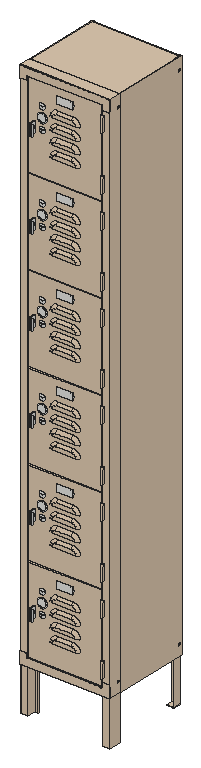
Revit family "Metal_Lockers-Salsbury_Industries-65000_66000_Series-1_Wide_Units", category Specialty Equipment, Revit 2023
Family settings
  Round Connector Dimension = Use Diameter
  Part Type = Normal
  OmniClass Number = 23.40.00.00
  OmniClass Title = Equipment and Furnishings
  Work Plane-Based = No
  Enable Cutting in Views = No
  Always vertical = Yes
  Cut with Voids When Loaded = No
  Maintain Annotation Orientation = No
  Shared = No
  Room Calculation Point = No
Parameters (values of type "66162 - with Standard 6" High Legs")
  Zee Base Corner - Right Side [instance] = Metal Locker Zee Base Corner : None
  Zee Base Corner - Left Side [instance] = Metal Locker Zee Base Corner : None
  Zee Base - Right Side [instance] = Metal Locker Zee Base-Right Side : None
  Zee Base - Left Side [instance] = Metal Locker Zee Base-Left Side : None
  Zee Base = Metal Locker Zee Base : None
  Width = 12.040"
  Version = "2.0 (06/30/17)"
  Unit Height including Sloping Hood Only [instance] = 78.625"
  Unit Height = 72.000"
  URL = "www.lockers.com"
  Type Comments = "Standard Metal Locker - Six Tier"
  Total Door(s) Height [instance] = 69.81949"
  Top Door = yes
  Top Compartment Divider = yes
  Test Data = "https://www.lockers.com/videolibrary/"
  Specification = "https://www.lockers.com/architect-resources//"
  Sloping Top In-Line Filler - Right Side [instance] = Metal Locker Sloping Top Filler : None
  Sloping Top In-Line Filler - Left Side [instance] = Metal Locker Sloping Top Filler : None
  Sloping Top Corner Filler - Right Side [instance] = Metal Locker Sloping Corner Filler : None
  Sloping Top Corner Filler - Left Side [instance] = Metal Locker Sloping Corner Filler : None
  Sloping Hood Height = if(Depth = 12.010", 6.625", if(Depth = 15.010", 8.682", if(Depth = 18.010", 10.739", 0.000")))  # 6.625"
  Sloping Hood [instance] = Metal Locker Sloping Hood : None
  Sales Information = "https://www.lockers.com/request_a_quote/"
  Right Side Base [instance] = Metal Locker Right Side Base : None
  Revision = "R1_2018-10"
  Product Data = "https://www.lockers.com/downloads__catalog/"
  Primary Structure Material [instance] = Paint - Salsbury Finish - Tan
  Overall Width including Rivets [instance] = 12.120"
  Unit Height including Base Only [instance] = 78.000"
  Overall Unit Height (including Base and Sloping Hood) [instance] = 84.625"
  OmniClass 23 Title = "Equipment and Furnishings"
  OmniClass 23 Number = "23.40.00.00"
  Model = "66162"
  MasterFormat Title = "Lockers"
  MasterFormat Number = "10 51 13"
  Manufacturer Website = "https://www.lockers.com/"
  Manufacturer Phone - Toll Free = "1-800-562-5377"
  Manufacturer Phone = "(323) 846-6700"
  Manufacturer Fax = "1-800-562-5399"
  Manufacturer Address = "1010 East 62nd Street, Los Angeles, CA 90001-1598"
  Manufacturer = "Salsbury Industries"
  Left Side Base [instance] = Metal Locker Left Side Base : None
  Keynote = "10 51 00"
  Installation-Fabrication = "https://www.lockers.com/downloads__installation_instructions/"
  Individual Door Height = 11.534"
  Hasp Plate Rivet Material = Steel -Salsbury Finish - Polished Steel
  Hasp Handle Material = Plastic - Salsbury Finish - Black
  Green Building-LEED = "https://www.arcat.com/green/green_building.shtml"
  Front Vertical Filler - Right [instance] = Metal Locker Front Filler : None
  Front Vertical Filler - Left [instance] = Metal Locker Front Filler : None
  Front Base [instance] = Metal Locker Front Base : None
  Flat Top In-Line Filler - Right Side [instance] = Metal Locker Flat Top Filler : None
  Flat Top In-Line Filler - Left Side [instance] = Metal Locker Flat Top Filler : None
  Flat Top Corner Filler - Right Side [instance] = Metal Locker Flat Corner Filler : None
  Flat Top Corner Filler - Left Side [instance] = Metal Locker Flat Corner Filler : None
  Individual Door Width [instance] = 9.90055"
  End Panel - Right Side [instance] = Metal Locker End Panel : None
  End Panel - Left Side [instance] = Metal Locker End Panel : None
  Drawn By = ""
  Door Location D1 = Metal Locker Doors-12 inch with Latch Hasps : Six Tier Door - 6 foot
  Description = "1 Wide - 6 Feet High - 12 Inches Deep"
  Depth = 12.010"
  Default Elevation = 0.000"
  Copyright = ""
  Construction Details = "https://www.lockers.com/downloads__catalog/"
  Compartment Divider Height = Individual Door Height - 0.375"  # 11.159"
  Category = ""
  Building Codes = "https://www.lockers.com/downloads__forms_and_information/"
  Base Height = 6.000"
  Standard Leg Base = Metal Locker Legs : 6" High - 12" W x 12" D
  Assembly Code = "C1030310"
Reference planes (in)
  plane 1 "Center (Front/Back)": y = 0
  plane 2: z = 0
  plane 3 "Center (Left/Right)": x = 0
  plane 4 "Floor": z = 0
  plane 5 "Bottom of Unit": z = 6
  plane 6 "Top of Unit": z = 78
  plane 7 "Left Side of Unit": x = -6.02
  plane 8 "Right Side of Unit": x = 6.02
  plane 9 "Back of Unit": y = 6.005
  plane 10 "Front of Unit": y = -6.005
  plane 11 "Top of Sloping Hood": z = 84.625
  plane 12 "Left Rivet": x = -6.06
  plane 13 "Right Rivet": x = 6.06
  plane 14 "Right Side of Door Opening": x = 5.02
  plane 15 "Left Side of Door Opening": x = -5.02
  plane 16 "Top of Door Opening": z = 77
  plane 17 "Bottom of Door Opening": z = 7
  plane 18 "Back Edge of Front Facing": y = -4.417
  plane 19 "Front Plate Plane": y = -6.065
  plane 20 "Horizontal Center of Top Rivets": z = 76.5
  plane 21 "Horiz Center of Bottom Rivets": z = 7.5
  plane 22 "Vertical Center of Back Rivets": y = 5.505
  plane 23 "Vertical Center of Front Rivets": y = -4.755
  plane 24 "Right Align Top Filler Overlap": x = 5.435
  plane 25 "Left Align Top Filler Overlap": x = -5.435
  plane 26 "Corner Filler Align-Left": x = -6.08
  plane 27 "Corner Filler Align-Right": x = 6.08
  plane 28 "Left Side of Door": x = -4.95029
  plane 29 "Right Side of Door": x = 4.95026
  plane 30 "Top of Door 1": z = 76.90976
  plane 31 "Bottom of Bottom Door": z = 7.09027
  plane 32 "Zee Base Offset": x = -5.669
  plane 33: x = 5.669
  plane 34 "Compartment Align 3": z = 19.159
  plane 35: x = -5.96
  plane 36: x = 5.96
  plane 37: x = -5.635
  plane 38: x = 5.635
  plane 39: y = 5.945
  plane 40: y = 5.895
  plane 41: y = 5.145
  plane 42: x = -5.9
  plane 43: x = 5.9
  plane 44: x = -5.095
  plane 45: x = 5.095
  plane 46: z = 77.94
  plane 47: z = 19.099
  plane 48: z = 18.159
  plane 49: z = 6.9204
  plane 50: z = 6.18539
  plane 51: z = 76.40796
  plane 52: z = 7.59204
  plane 53: z = 18.159
  plane 54: z = 18.62427
  plane 55: z = 18.74976
  plane 56: z = 30.28376
  plane 57: z = 30.40876
  plane 58: z = 29.78327
  plane 59: z = 30.72327
  plane 60 "Compartment Align 2": z = 30.78327
  plane 61: z = 53.72076
  plane 62: z = 41.94276
  plane 63: z = 42.06776
  plane 64: z = 41.44276
  plane 65: z = 42.38276
  plane 66 "Compartment Align 1": z = 42.44276
  plane 67: z = 71.20625
  plane 68: z = 53.60176
  plane 69: z = 53.72676
  plane 70: z = 65.26076
  plane 71: z = 65.38576
  plane 72: z = 53.10176
  plane 73: z = 54.04176
  plane 74: z = 54.10176
  plane 75: z = 64.76076
  plane 76: z = 65.70076
  plane 77: z = 65.76076
  plane 78: z = 82.86525
  plane 79: z = 94.52425
Forms (in)
  Sweep 1, solid, material "Paint - Salsbury Finish - Tan" <- "Primary Structure Material"
    path origin (0, -6.005, 0) x (1, 0, 0) y (0, 0, 1)
      loop
        line (-6.02, 78) -> (-6.02, 6) -> (6.02, 6) -> (6.02, 78) -> (-6.02, 78)
    profile origin (0, -6.005, 78) x (0, 0, 1) y (0, -1, 0)
      loop
        line (0, 0) -> (-1, 0) -> (-1, -1.588) -> (0, -1.588) -> (0, 0)
  Extrusion 2, solid, material "Paint - Salsbury Finish - Tan" <- "Primary Structure Material"
    sketch origin (0, 0, 6) x (0, -1, 0) y (1, 0, 0)
      loop
        line (4.417, 6.02) -> (-6.005, 6.02) -> (-6.005, 5.635) -> (-5.945, 5.635) -> (-5.945, 5.96) -> (4.417, 5.96) -> (4.417, 6.02)
    from 0 to 72
  Extrusion 3, solid, material "Paint - Salsbury Finish - Tan" <- "Primary Structure Material"
    sketch origin (0, 0, 6) x (0, -1, 0) y (1, 0, 0)
      loop
        line (4.417, -6.02) -> (4.417, -5.96) -> (-5.945, -5.96) -> (-5.945, -5.635) -> (-6.005, -5.635) -> (-6.005, -6.02) -> (4.417, -6.02)
    from 0 to 72
  Extrusion 4, solid, material "Paint - Salsbury Finish - Tan" <- "Primary Structure Material"
    sketch origin (0, 0, 6) x (0, -1, 0) y (1, 0, 0)
      loop
        line (-5.945, -5.96) -> (-5.145, -5.96) -> (-5.145, -5.9) -> (-5.895, -5.9) -> (-5.895, 5.9) -> (-5.145, 5.9) -> (-5.145, 5.96) -> (-5.945, 5.96) -> (-5.945, -5.96)
    from 0 to 72
  Sweep 5, solid, material "Paint - Salsbury Finish - Tan" <- "Primary Structure Material"
    path origin (0, 0, 7) x (0, -1, 0) y (1, 0, 0)
      loop
        line (4.417, -5.96) -> (4.417, 5.96) -> (-5.145, 5.96) -> (-5.145, 5.9) -> (-5.895, 5.9) -> (-5.895, -5.9) -> (-5.145, -5.9) -> (-5.145, -5.96) -> (4.417, -5.96)
    profile origin (-5.96, 0.364, 7) x (-1, 0, 0) y (0, 0, 1)
      loop
        line (0, -0.81461) -> (0, -0.0796) -> (-0.06, -0.0796) -> (-0.06, -0.81461) -> (0, -0.81461)
  Extrusion 6, solid, material "Paint - Salsbury Finish - Tan" <- "Primary Structure Material"
    sketch origin (0, 0, 7) x (0, -1, 0) y (1, 0, 0)
      loop
        line (-5.895, -5.9) -> (-5.145, -5.9) -> (-5.145, -5.96) -> (4.417, -5.96) -> (4.417, 5.96) -> (-5.145, 5.96) -> (-5.145, 5.9) -> (-5.895, 5.9) -> (-5.895, -5.9)
    from -0.0796 to 0
  Extrusion 7, solid, material "Paint - Salsbury Finish - Tan" <- "Primary Structure Material"
    sketch origin (0, 0, 78) x (0, -1, 0) y (1, 0, 0)
      loop
        line (-5.895, -5.9) -> (-5.145, -5.9) -> (-5.145, -5.96) -> (4.417, -5.96) -> (4.417, 5.96) -> (-5.145, 5.96) -> (-5.145, 5.9) -> (-5.895, 5.9) -> (-5.895, -5.9)
    from -0.06 to 0
  Extrusion 8, solid, material "Paint - Salsbury Finish - Tan" <- "Primary Structure Material"
    sketch origin (0, -6.065, 0) x (0, 0, -1) y (1, 0, 0)
      loop
        line (-78, -6.02) -> (-76.47656, -6.02)
        arc (-76.47656, -6.02) -> (-76.42806, -5.99991) -> (-76.40796, -5.9514) r 0.0686
        line (-76.40796, -5.9514) -> (-76.40796, -5.16351)
        arc (-76.40796, -5.16351) -> (-76.42809, -5.11506) -> (-76.47656, -5.095) r 0.0686
        line (-76.47656, -5.095) -> (-77, -5.095) -> (-77, 5.095) -> (-76.47656, 5.095)
        arc (-76.47656, 5.095) -> (-76.42809, 5.11506) -> (-76.40796, 5.16351) r 0.0686
        line (-76.40796, 5.16351) -> (-76.40796, 5.9514)
        arc (-76.40796, 5.9514) -> (-76.42806, 5.99991) -> (-76.47656, 6.02) r 0.0686
        line (-76.47656, 6.02) -> (-78, 6.02) -> (-78, -6.02)
    from -0.06 to 0
  Extrusion 9, solid, material "Paint - Salsbury Finish - Tan" <- "Primary Structure Material"
    sketch origin (0, -6.065, 84) x (0, 0, 1) y (-1, 0, 0)
      loop
        line (-78, 6.02) -> (-78, -6.02) -> (-76.47656, -6.02)
        arc (-76.47656, -6.02) -> (-76.42806, -5.99991) -> (-76.40796, -5.9514) r 0.0686
        line (-76.40796, -5.9514) -> (-76.40796, -5.16351)
        arc (-76.40796, -5.16351) -> (-76.42809, -5.11506) -> (-76.47656, -5.095) r 0.0686
        line (-76.47656, -5.095) -> (-77, -5.095) -> (-77, 5.095) -> (-76.47656, 5.095)
        arc (-76.47656, 5.095) -> (-76.42809, 5.11506) -> (-76.40796, 5.16351) r 0.0686
        line (-76.40796, 5.16351) -> (-76.40796, 5.9514)
        arc (-76.40796, 5.9514) -> (-76.42806, 5.99991) -> (-76.47656, 6.02) r 0.0686
        line (-76.47656, 6.02) -> (-78, 6.02)
    from -0.06 to 0
  Blend 10, solid, material "Steel -Salsbury Finish - Polished Steel" <- "Hasp Plate Rivet Material"
    base sketch origin (6.02, 0, 0) x (0, 0, -1) y (0, -1, 0)
      loop
        circle (-76.5, 4.755) r 0.187
    top sketch origin (6.02, 0, 0) x (0, 0, -1) y (0, -1, 0)
      loop
        circle (-76.5, 4.755) r 0.05319
    from 0 to -0.04
  Blend 11, solid, material "Steel -Salsbury Finish - Polished Steel" <- "Hasp Plate Rivet Material"
    base sketch origin (6.02, 0, -69) x (0, 0, -1) y (0, -1, 0)
      loop
        circle (-76.5, 4.755) r 0.187
    top sketch origin (6.02, 0, -69) x (0, 0, -1) y (0, -1, 0)
      loop
        circle (-76.5, 4.755) r 0.05319
    from 0 to -0.04
  Blend 12, solid, material "Steel -Salsbury Finish - Polished Steel" <- "Hasp Plate Rivet Material"
    base sketch origin (6.02, 10.26, -69) x (0, 0, -1) y (0, -1, 0)
      loop
        circle (-76.5, 4.755) r 0.187
    top sketch origin (6.02, 10.26, -69) x (0, 0, -1) y (0, -1, 0)
      loop
        circle (-76.5, 4.755) r 0.05319
    from 0 to -0.04
  Blend 13, solid, material "Steel -Salsbury Finish - Polished Steel" <- "Hasp Plate Rivet Material"
    base sketch origin (6.02, 10.26, 0.0043) x (0, 0, -1) y (0, -1, 0)
      loop
        circle (-76.5, 4.755) r 0.187
    top sketch origin (6.02, 10.26, 0.0043) x (0, 0, -1) y (0, -1, 0)
      loop
        circle (-76.5, 4.755) r 0.05319
    from 0 to -0.04
  Blend 14, solid, material "Steel -Salsbury Finish - Polished Steel" <- "Hasp Plate Rivet Material"
    base sketch origin (-6.02, 0, -69) x (0, 0, -1) y (0, 1, 0)
      loop
        circle (-76.5, -4.755) r 0.187
    top sketch origin (-6.02, 0, -69) x (0, 0, -1) y (0, 1, 0)
      loop
        circle (-76.5, -4.755) r 0.05319
    from 0 to -0.04
  Blend 15, solid, material "Steel -Salsbury Finish - Polished Steel" <- "Hasp Plate Rivet Material"
    base sketch origin (-6.02, 10.26, -69) x (0, 0, -1) y (0, 1, 0)
      loop
        circle (-76.5, -4.755) r 0.187
    top sketch origin (-6.02, 10.26, -69) x (0, 0, -1) y (0, 1, 0)
      loop
        circle (-76.5, -4.755) r 0.05319
    from 0 to -0.04
  Blend 16, solid, material "Steel -Salsbury Finish - Polished Steel" <- "Hasp Plate Rivet Material"
    base sketch origin (-6.02, 0, 0) x (0, 0, -1) y (0, 1, 0)
      loop
        circle (-76.5, -4.755) r 0.187
    top sketch origin (-6.02, 0, 0) x (0, 0, -1) y (0, 1, 0)
      loop
        circle (-76.5, -4.755) r 0.05319
    from 0 to -0.04
  Blend 17, solid, material "Steel -Salsbury Finish - Polished Steel" <- "Hasp Plate Rivet Material"
    base sketch origin (-6.02, 10.26, 0.00039) x (0, 0, -1) y (0, 1, 0)
      loop
        circle (-76.5, -4.755) r 0.187
    top sketch origin (-6.02, 10.26, 0.00039) x (0, 0, -1) y (0, 1, 0)
      loop
        circle (-76.5, -4.755) r 0.05319
    from 0 to -0.04
  Extrusion 18, solid, material "Paint - Salsbury Finish - Tan" <- "Primary Structure Material"
    sketch origin (0, 0, 19.159) x (0, -1, 0) y (1, 0, 0)
      loop
        line (-5.895, -5.9) -> (-5.145, -5.9) -> (-5.145, -5.96) -> (4.417, -5.96) -> (4.417, 5.96) -> (-5.145, 5.96) -> (-5.145, 5.9) -> (-5.895, 5.9) -> (-5.895, -5.9)
    from -0.06 to 0
  Sweep 19, solid, material "Paint - Salsbury Finish - Tan" <- "Primary Structure Material"
    path origin (0, 0, 19.159) x (0, -1, 0) y (1, 0, 0)
      loop
        line (4.417, -5.96) -> (4.417, 5.96) -> (-5.145, 5.96) -> (-5.145, 5.9) -> (-5.895, 5.9) -> (-5.895, -5.9) -> (-5.145, -5.9) -> (-5.145, -5.96) -> (4.417, -5.96)
    profile origin (-5.96, 0.364, 19.159) x (-1, 0, 0) y (0, 0, 1)
      loop
        line (0, -1) -> (0, -0.06) -> (-0.06, -0.06) -> (-0.06, -1) -> (0, -1)
  Extrusion 20, solid, material "Paint - Salsbury Finish - Tan" <- "Primary Structure Material"
    sketch origin (0, 0, 54.72076) x (0, -1, 0) y (1, 0, 0)
      loop
        line (-5.895, -5.9) -> (-5.145, -5.9) -> (-5.145, -5.96) -> (4.417, -5.96) -> (4.417, 5.96) -> (-5.145, 5.96) -> (-5.145, 5.9) -> (-5.895, 5.9) -> (-5.895, -5.9)
    from -23.99749 to -23.93749
  Sweep 21, solid, material "Paint - Salsbury Finish - Tan" <- "Primary Structure Material"
    path origin (0, 0, 30.78327) x (0, -1, 0) y (1, 0, 0)
      loop
        line (4.417, -5.96) -> (4.417, 5.96) -> (-5.145, 5.96) -> (-5.145, 5.9) -> (-5.895, 5.9) -> (-5.895, -5.9) -> (-5.145, -5.9) -> (-5.145, -5.96) -> (4.417, -5.96)
    profile origin (-5.96, 0.364, 30.78327) x (-1, 0, 0) y (0, 0, 1)
      loop
        line (0, -1) -> (0, -0.06) -> (-0.06, -0.06) -> (-0.06, -1) -> (0, -1)
  Extrusion 22, solid, material "Paint - Salsbury Finish - Tan" <- "Primary Structure Material"
    sketch origin (0, 0, 42.44276) x (0, -1, 0) y (1, 0, 0)
      loop
        line (-5.895, -5.9) -> (-5.145, -5.9) -> (-5.145, -5.96) -> (4.417, -5.96) -> (4.417, 5.96) -> (-5.145, 5.96) -> (-5.145, 5.9) -> (-5.895, 5.9) -> (-5.895, -5.9)
    from -0.06 to 0
  Sweep 23, solid, material "Paint - Salsbury Finish - Tan" <- "Primary Structure Material"
    path origin (0, 0, 42.44276) x (0, -1, 0) y (1, 0, 0)
      loop
        line (4.417, -5.96) -> (4.417, 5.96) -> (-5.145, 5.96) -> (-5.145, 5.9) -> (-5.895, 5.9) -> (-5.895, -5.9) -> (-5.145, -5.9) -> (-5.145, -5.96) -> (4.417, -5.96)
    profile origin (-5.96, 0.364, 42.44276) x (-1, 0, 0) y (0, 0, 1)
      loop
        line (0, -1) -> (0, -0.06) -> (-0.06, -0.06) -> (-0.06, -1) -> (0, -1)
  Extrusion 24, solid, material "Paint - Salsbury Finish - Tan" <- "Primary Structure Material"
    sketch origin (0, 0, 54.10176) x (0, -1, 0) y (1, 0, 0)
      loop
        line (-5.895, -5.9) -> (-5.145, -5.9) -> (-5.145, -5.96) -> (4.417, -5.96) -> (4.417, 5.96) -> (-5.145, 5.96) -> (-5.145, 5.9) -> (-5.895, 5.9) -> (-5.895, -5.9)
    from -0.06 to 0
  Sweep 25, solid, material "Paint - Salsbury Finish - Tan" <- "Primary Structure Material"
    path origin (0, 0, 54.10176) x (0, -1, 0) y (1, 0, 0)
      loop
        line (4.417, -5.96) -> (4.417, 5.96) -> (-5.145, 5.96) -> (-5.145, 5.9) -> (-5.895, 5.9) -> (-5.895, -5.9) -> (-5.145, -5.9) -> (-5.145, -5.96) -> (4.417, -5.96)
    profile origin (-5.96, 0.364, 54.10176) x (-1, 0, 0) y (0, 0, 1)
      loop
        line (0, -1) -> (0, -0.06) -> (-0.06, -0.06) -> (-0.06, -1) -> (0, -1)
  Extrusion 26, solid, material "Paint - Salsbury Finish - Tan" <- "Primary Structure Material", visible <- "Top Compartment Divider"
    sketch origin (0, 0, 65.76076) x (0, -1, 0) y (1, 0, 0)
      loop
        line (-5.895, -5.9) -> (-5.145, -5.9) -> (-5.145, -5.96) -> (4.417, -5.96) -> (4.417, 5.96) -> (-5.145, 5.96) -> (-5.145, 5.9) -> (-5.895, 5.9) -> (-5.895, -5.9)
    from -0.06 to 0
  Sweep 27, solid, material "Paint - Salsbury Finish - Tan" <- "Primary Structure Material", visible <- "Top Compartment Divider"
    path origin (0, 0, 65.76076) x (0, -1, 0) y (1, 0, 0)
      loop
        line (4.417, -5.96) -> (4.417, 5.96) -> (-5.145, 5.96) -> (-5.145, 5.9) -> (-5.895, 5.9) -> (-5.895, -5.9) -> (-5.145, -5.9) -> (-5.145, -5.96) -> (4.417, -5.96)
    profile origin (-5.96, 0.364, 65.76076) x (-1, 0, 0) y (0, 0, 1)
      loop
        line (0, -1) -> (0, -0.06) -> (-0.06, -0.06) -> (-0.06, -1) -> (0, -1)
Lines and regions (in)
  reference lines
    curve 1: line (-29.59242, -6.065, 78) -> (36.15758, -6.065, 78)
  symbolic lines
    curve 2: line (-6.02, 6.005, 78) -> (6.02, 6.005, 78)
    curve 3: line (-6.02, -6.065, 78) -> (-6.02, 6.005, 78)
    curve 4: line (6.02, -6.065, 78) -> (-6.02, -6.065, 78)
    curve 5: line (6.02, 6.005, 78) -> (6.02, -6.065, 78)
    curve 6: line (-6.06, -4.80819, 78) -> (-6.02, -4.91809, 78)
    curve 7: line (-6.02, -4.58043, 78) -> (-6.06, -4.70181, 78)
    curve 8: line (-6.06, -4.80819, 78) -> (-6.06, -4.70181, 78)
    curve 9: line (-6.06, 5.45181, 78) -> (-6.02, 5.31077, 78)
    curve 10: line (-6.06, 5.55819, 78) -> (-6.02, 5.68474, 78)
    curve 11: line (-6.06, 5.55819, 78) -> (-6.06, 5.45181, 78)
    curve 12: line (6.06, 5.55819, 78) -> (6.02, 5.70747, 78)
    curve 13: line (6.06, 5.45181, 78) -> (6.02, 5.3179, 78)
    curve 14: line (6.06, 5.55819, 78) -> (6.06, 5.45181, 78)
    curve 15: line (6.06, -4.70181, 78) -> (6.02, -4.57098, 78)
    curve 16: line (6.06, -4.80819, 78) -> (6.02, -4.94769, 78)
    curve 17: line (6.06, -4.70181, 78) -> (6.06, -4.80819, 78)
Dimensions and locks (in)
  equal spacing: plane 7 "Left Side of Unit", plane 3 "Center (Left/Right)", plane 8 "Right Side of Unit"
  "Width": plane 7 "Left Side of Unit" to plane 8 "Right Side of Unit"
  "Base Height": plane 5 "Bottom of Unit" to plane 4 "Floor"
  "Unit Height": plane 6 "Top of Unit" to plane 5 "Bottom of Unit"
  "Unit Height including Base Only": plane 6 "Top of Unit" to plane 4 "Floor"
  equal spacing: plane 10 "Front of Unit", plane 1 "Center (Front/Back)", plane 9 "Back of Unit"
  "Depth": plane 10 "Front of Unit" to plane 9 "Back of Unit"
  "Sloping Hood Height": plane 11 "Top of Sloping Hood" to plane 6 "Top of Unit"
  "Overall Unit Height (including Base and Sloping Hood)": plane 11 "Top of Sloping Hood" to plane 4 "Floor"
  locked: plane 12 "Left Rivet" to plane 7 "Left Side of Unit" at 0.04
  locked: plane 8 "Right Side of Unit" to plane 13 "Right Rivet" at 0.04
  "Overall Width including Rivets": plane 12 "Left Rivet" to plane 13 "Right Rivet"
  plane 6 "Top of Unit" to plane 16 "Top of Door Opening" to plane 30 "Top of Door 1" to plane 51 = 1.000" locked, 0.09024", 0.5018"
  plane 52 to plane 31 "Bottom of Bottom Door" to plane 17 "Bottom of Door Opening" to plane 5 "Bottom of Unit" = 0.50177", 0.09027", 1.000" locked
  plane 7 "Left Side of Unit" to plane 15 "Left Side of Door Opening" to plane 28 "Left Side of Door" = 1.000" locked, 0.06971"
  plane 29 "Right Side of Door" to plane 14 "Right Side of Door Opening" to plane 8 "Right Side of Unit" = 0.06974", 1.000" locked
  plane 19 "Front Plate Plane" to plane 10 "Front of Unit" to plane 18 "Back Edge of Front Facing" = 0.060" locked, 1.588" locked
  "Unit Height including Sloping Hood Only": plane 11 "Top of Sloping Hood" to plane 5 "Bottom of Unit"
  locked: plane 20 "Horizontal Center of Top Rivets" to plane 6 "Top of Unit" at 1.5
  locked: plane 5 "Bottom of Unit" to plane 21 "Horiz Center of Bottom Rivets" at 1.5
  locked: plane 22 "Vertical Center of Back Rivets" to plane 9 "Back of Unit" at 0.5
  locked: plane 10 "Front of Unit" to plane 23 "Vertical Center of Front Rivets" at 1.25
  locked: plane 24 "Right Align Top Filler Overlap" to plane 13 "Right Rivet" at 0.625
  locked: plane 12 "Left Rivet" to plane 25 "Left Align Top Filler Overlap" at 0.625
  locked: plane 8 "Right Side of Unit" to plane 27 "Corner Filler Align-Right" at 0.06
  locked: plane 26 "Corner Filler Align-Left" to plane 7 "Left Side of Unit" at 0.06
  "Individual Door Width": plane 28 "Left Side of Door" to plane 29 "Right Side of Door"
  "Total Door(s) Height": plane 30 "Top of Door 1" to plane 31 "Bottom of Bottom Door"
  plane 7 "Left Side of Unit" to plane 32 "Zee Base Offset" = 0.351"
  plane 33 to plane 8 "Right Side of Unit" = 0.351"
  plane 34 "Compartment Align 3" to plane 47 to plane 53 = 0.060" locked, 0.940" locked
  plane 7 "Left Side of Unit" to plane 35 to plane 42 to plane 37 = 0.060" locked, 0.060" locked, 0.265" locked
  plane 38 to plane 43 to plane 36 to plane 8 "Right Side of Unit" = 0.265" locked, 0.060", 0.060"
  plane 41 to plane 40 to plane 39 to plane 9 "Back of Unit" = 0.750" locked, 0.050", 0.060"
  locked: plane 7 "Left Side of Unit" to plane 44 at 0.925
  locked: plane 45 to plane 8 "Right Side of Unit" at 0.925
  locked: plane 6 "Top of Unit" to plane 46 at 0.06
  plane 47 to plane 48 = 0.940"
  locked: plane 17 "Bottom of Door Opening" to plane 49 at 0.0796
  plane 49 to plane 50 = 0.73501"
  "Compartment Divider Height": plane 53 to plane 17 "Bottom of Door Opening"
  "Individual Door Height": plane 54 to plane 31 "Bottom of Bottom Door"
  locked: plane 55 to plane 54 at 0.12549
  locked: plane 57 to plane 56 at 0.125
  "Individual Door Height": plane 56 to plane 55
  plane 60 "Compartment Align 2" to plane 59 to plane 58 = 0.060" locked, 0.940" locked
  locked: plane 63 to plane 62 at 0.125
  "Individual Door Height": plane 62 to plane 57
  "Compartment Divider Height": plane 58 to plane 54
  "Compartment Divider Height": plane 64 to plane 56
  plane 66 "Compartment Align 1" to plane 65 to plane 64 = 0.060", 0.940"
  locked: plane 69 to plane 68 at 0.125
  locked: plane 71 to plane 70 at 0.125
  "Individual Door Height": plane 68 to plane 63
  "Individual Door Height": plane 70 to plane 69
  "Compartment Divider Height": plane 72 to plane 62
  "Compartment Divider Height": plane 75 to plane 68
  plane 74 to plane 73 to plane 72 = 0.060" locked, 0.940" locked
  plane 77 to plane 76 to plane 75 = 0.060" locked, 0.940" locked
  aligned and locked: level to plane 2
  aligned and locked: Extrusion 2 to plane 6 "Top of Unit"
  aligned and locked: Extrusion 3 to plane 6 "Top of Unit"
  aligned and locked: Extrusion 4 to plane 6 "Top of Unit"
  aligned and locked: Extrusion 8 to plane 10 "Front of Unit"
  aligned and locked: Extrusion 9 to plane 10 "Front of Unit"
  aligned and locked: Extrusion 6 to plane 17 "Bottom of Door Opening"
  aligned and locked: plane 4 "Floor" to nested 2
  aligned and locked: plane 5 "Bottom of Unit" to Extrusion 9
  aligned and locked: plane 8 "Right Side of Unit" to nested 6
  aligned and locked: plane 7 "Left Side of Unit" to nested 7
  aligned and locked: Blend 10 to plane 13 "Right Rivet"
  aligned and locked: plane 8 "Right Side of Unit" to Blend 10
  aligned and locked: Blend 15 to plane 7 "Left Side of Unit"
  aligned and locked: Blend 14 to plane 7 "Left Side of Unit"  (x2)
  aligned and locked: plane 12 "Left Rivet" to Blend 14
  aligned and locked: plane 12 "Left Rivet" to Blend 15
  aligned and locked: Blend 14 to plane 12 "Left Rivet"
  aligned and locked: Blend 17 to plane 7 "Left Side of Unit"
  aligned and locked: plane 12 "Left Rivet" to Blend 17
  aligned and locked: Blend 16 to plane 7 "Left Side of Unit"
  aligned and locked: plane 12 "Left Rivet" to Blend 16
  aligned and locked: plane 5 "Bottom of Unit" to nested 10
  aligned and locked: plane 13 "Right Rivet" to nested 10
  aligned and locked: plane 12 "Left Rivet" to nested 11
  aligned and locked: nested 11 to plane 10 "Front of Unit"
  aligned and locked: plane 13 "Right Rivet" to nested 12
  aligned and locked: plane 10 "Front of Unit" to nested 12
  aligned and locked: plane 6 "Top of Unit" to nested 12
  aligned and locked: plane 12 "Left Rivet" to nested 13
  aligned and locked: plane 10 "Front of Unit" to nested 13
  aligned and locked: plane 6 "Top of Unit" to nested 13
  aligned and locked: plane 6 "Top of Unit" to nested 14
  aligned and locked: nested 14 to plane 19 "Front Plate Plane"
  aligned and locked: nested 14 to plane 24 "Right Align Top Filler Overlap"
  aligned and locked: nested 15 to plane 25 "Left Align Top Filler Overlap"
  aligned and locked: nested 15 to plane 19 "Front Plate Plane"
  aligned and locked: nested 10 to nested 15
  aligned and locked: plane 19 "Front Plate Plane" to nested 16
  aligned and locked: plane 6 "Top of Unit" to nested 16
  aligned and locked: nested 17 to plane 6 "Top of Unit"
  aligned and locked: nested 17 to plane 19 "Front Plate Plane"
  aligned and locked: plane 19 "Front Plate Plane" to nested 18
  aligned and locked: nested 19 to plane 24 "Right Align Top Filler Overlap"
  aligned and locked: nested 19 to plane 19 "Front Plate Plane"
  aligned and locked: plane 16 "Top of Door Opening" to nested 19
  aligned and locked: nested 20 to plane 16 "Top of Door Opening"
  aligned and locked: nested 20 to plane 25 "Left Align Top Filler Overlap"
  aligned and locked: nested 20 to plane 19 "Front Plate Plane"
  aligned and locked: nested 11 to plane 6 "Top of Unit"
  aligned and locked: plane 10 "Front of Unit" to nested 10
  aligned and locked: plane 10 "Front of Unit" to nested 23
  aligned and locked: plane 10 "Front of Unit" to nested 1
  aligned and locked: plane 10 "Front of Unit" to nested 2
  aligned and locked: plane 6 "Top of Unit" to nested 18
  aligned and locked: plane 7 "Left Side of Unit" to nested 17
  aligned and locked: plane 32 "Zee Base Offset" to nested 9
  aligned and locked: plane 18 "Back Edge of Front Facing" to nested 9
  aligned and locked: nested 8 to plane 18 "Back Edge of Front Facing"
  aligned and locked: plane 33 to nested 8
  aligned and locked: plane 8 "Right Side of Unit" to nested 21
  aligned and locked: nested 22 to plane 7 "Left Side of Unit"
  aligned and locked: nested 22 to curve 1
  aligned and locked: nested 21 to curve 1
  aligned and locked: Sweep 19 sketch curve to Extrusion 18
  aligned and locked: plane 7 "Left Side of Unit" to Extrusion 3
  aligned and locked: Extrusion 3 to plane 9 "Back of Unit"
  aligned and locked: Extrusion 2 to plane 8 "Right Side of Unit"
  aligned and locked: Extrusion 2 to plane 9 "Back of Unit"
  aligned and locked: plane 18 "Back Edge of Front Facing" to Extrusion 3
  aligned and locked: plane 18 "Back Edge of Front Facing" to Extrusion 2
  aligned and locked: plane 35 to Extrusion 3
  aligned and locked: plane 36 to Extrusion 2
  aligned and locked: plane 37 to Extrusion 3
  aligned and locked: plane 38 to Extrusion 2
  aligned and locked: plane 39 to Extrusion 3
  aligned and locked: plane 39 to Extrusion 2
  aligned and locked: Extrusion 4 to plane 39
  aligned and locked: plane 40 to Extrusion 4
  aligned and locked: plane 35 to Extrusion 4
  aligned and locked: plane 41 to Extrusion 4  (x2)
  aligned and locked: plane 42 to Extrusion 4
  aligned and locked: plane 43 to Extrusion 4
  aligned and locked: Extrusion 7 to plane 40
  aligned and locked: plane 42 to Extrusion 7
  aligned and locked: plane 35 to Extrusion 7  (x2)
  aligned and locked: Extrusion 7 to plane 41  (x2)
  aligned and locked: Extrusion 7 to plane 43
  aligned and locked: Extrusion 7 to plane 36  (x2)
  aligned and locked: plane 18 "Back Edge of Front Facing" to Extrusion 7
  aligned and locked: plane 18 "Back Edge of Front Facing" to Extrusion 6
  aligned and locked: Extrusion 6 to plane 40
  aligned and locked: Extrusion 6 to plane 43
  aligned and locked: Extrusion 6 to plane 41  (x2)
  aligned and locked: Extrusion 6 to plane 36
  aligned and locked: plane 42 to Extrusion 6
  aligned and locked: plane 35 to Extrusion 6
  aligned and locked: Sweep 5 to plane 40
  aligned and locked: Sweep 5 to plane 41  (x2)
  aligned and locked: Sweep 5 to plane 43
  aligned and locked: Sweep 5 to plane 36
  aligned and locked: plane 18 "Back Edge of Front Facing" to Sweep 5
  aligned and locked: plane 35 to Sweep 5
  aligned and locked: plane 42 to Sweep 5
  aligned and locked: Sweep 5 sketch curve to plane 42
  aligned and locked: plane 40 to Sweep 5 sketch curve
  aligned and locked: plane 41 to Sweep 5 sketch curve  (x2)
  aligned and locked: Sweep 5 sketch curve to plane 35  (x2)
  aligned and locked: plane 43 to Sweep 5 sketch curve
  aligned and locked: plane 36 to Sweep 5 sketch curve
  aligned and locked: Sweep 5 sketch curve to plane 18 "Back Edge of Front Facing"
  aligned and locked: Extrusion 18 to plane 40
  aligned and locked: Extrusion 18 to plane 43
  aligned and locked: Extrusion 18 to plane 41  (x2)
  aligned and locked: Extrusion 18 to plane 36
  aligned and locked: plane 18 "Back Edge of Front Facing" to Extrusion 18
  aligned and locked: plane 35 to Extrusion 18
  aligned and locked: plane 42 to Extrusion 18
  aligned and locked: plane 40 to Sweep 19 sketch curve
  aligned and locked: plane 43 to Sweep 19 sketch curve
  aligned and locked: plane 41 to Sweep 19 sketch curve  (x2)
  aligned and locked: plane 36 to Sweep 19 sketch curve
  aligned and locked: Sweep 19 sketch curve to plane 18 "Back Edge of Front Facing"
  aligned and locked: Sweep 19 sketch curve to plane 35  (x2)
  aligned and locked: Sweep 19 sketch curve to plane 42
  aligned and locked: plane 6 "Top of Unit" to Sweep 1 sketch curve  (x2)
  aligned and locked: Sweep 1 sketch curve to plane 7 "Left Side of Unit"
  aligned and locked: plane 8 "Right Side of Unit" to Sweep 1 sketch curve
  aligned and locked: Sweep 1 sketch curve to plane 5 "Bottom of Unit"
  aligned and locked: plane 10 "Front of Unit" to Sweep 1
  aligned and locked: Extrusion 8 to plane 19 "Front Plate Plane"
  aligned and locked: plane 10 "Front of Unit" to Extrusion 8
  aligned and locked: Extrusion 8 to plane 8 "Right Side of Unit"
  aligned and locked: plane 7 "Left Side of Unit" to Extrusion 8
  aligned and locked: plane 7 "Left Side of Unit" to Extrusion 9
  aligned and locked: plane 19 "Front Plate Plane" to Extrusion 9
  aligned and locked: Extrusion 9 to plane 8 "Right Side of Unit"
  aligned and locked: plane 44 to Extrusion 9
  aligned and locked: plane 45 to Extrusion 9
  aligned and locked: plane 45 to Extrusion 8
  aligned and locked: Extrusion 8 to plane 44
  aligned and locked: plane 29 "Right Side of Door" to nested 23
  aligned and locked: plane 18 "Back Edge of Front Facing" to Sweep 1 sketch curve
  aligned and locked: Sweep 1 sketch curve to plane 16 "Top of Door Opening"
  aligned and locked: Sweep 1 sketch curve to plane 10 "Front of Unit"
  aligned and locked: plane 5 "Bottom of Unit" to Extrusion 4
  aligned and locked: Extrusion 4 to plane 36
  aligned and locked: plane 5 "Bottom of Unit" to Extrusion 3
  aligned and locked: plane 5 "Bottom of Unit" to Extrusion 2
  aligned and locked: Extrusion 7 to plane 6 "Top of Unit"
  aligned and locked: plane 46 to Extrusion 7
  aligned and locked: Extrusion 18 to plane 34 "Compartment Align 3"
  aligned and locked: plane 47 to Extrusion 18
  aligned and locked: plane 42 to Sweep 19 sketch curve
  aligned and locked: plane 48 to Sweep 19 sketch curve
  aligned and locked: plane 49 to Extrusion 6
  aligned and locked: Sweep 5 to plane 49
  aligned and locked: plane 50 to Sweep 5 sketch curve
  aligned and locked: plane 49 to Sweep 5 sketch curve
  aligned and locked: plane 42 to Sweep 5 sketch curve
  aligned and locked: plane 51 to Extrusion 8  (x2)
  aligned and locked: Extrusion 8 to plane 6 "Top of Unit"
  aligned and locked: plane 16 "Top of Door Opening" to Extrusion 8
  aligned and locked: Extrusion 9 to plane 17 "Bottom of Door Opening"
  aligned and locked: plane 52 to Extrusion 9
  aligned and locked: Extrusion 9 to plane 52
  aligned and locked: plane 4 "Floor" to nested 1
  aligned and locked: plane 8 "Right Side of Unit" to nested 1
  aligned and locked: Blend 12 to plane 13 "Right Rivet"
  aligned and locked: plane 8 "Right Side of Unit" to Blend 12
  aligned and locked: plane 8 "Right Side of Unit" to Blend 13
  aligned and locked: Blend 13 to plane 13 "Right Rivet"
  aligned and locked: plane 8 "Right Side of Unit" to Blend 11
  aligned and locked: Blend 11 to plane 13 "Right Rivet"
  aligned and locked: nested 22 to curve 3
  aligned and locked: curve 4 to Extrusion 8
  aligned and locked: curve 5 to Extrusion 8
  aligned and locked: curve 8 to Blend 14
  aligned and locked: curve 11 to Blend 15
  aligned and locked: curve 14 to Blend 12
  aligned and locked: curve 17 to Blend 10
  aligned and locked: plane 53 to Sweep 19
  aligned and locked: nested 23 to plane 31 "Bottom of Bottom Door"
  aligned and locked: plane 55 to nested 24
  aligned and locked: plane 10 "Front of Unit" to nested 24
  aligned and locked: plane 29 "Right Side of Door" to nested 24
  aligned and locked: plane 29 "Right Side of Door" to nested 25
  aligned and locked: nested 25 to plane 57
  aligned and locked: Sweep 21 sketch curve to Extrusion 20
  aligned and locked: Extrusion 20 to plane 60 "Compartment Align 2"
  aligned and locked: plane 59 to Sweep 21
  aligned and locked: Sweep 21 sketch curve to plane 58
  aligned and locked: Extrusion 20 sketch curve to plane 40
  aligned and locked: plane 35 to Extrusion 20 sketch curve
  aligned and locked: plane 42 to Extrusion 20 sketch curve
  aligned and locked: Extrusion 20 sketch curve to plane 41  (x2)
  aligned and locked: plane 18 "Back Edge of Front Facing" to Extrusion 20 sketch curve
  aligned and locked: Extrusion 20 sketch curve to plane 36
  aligned and locked: Extrusion 20 sketch curve to plane 43
  aligned and locked: plane 40 to Sweep 21 sketch curve
  aligned and locked: Sweep 21 sketch curve to plane 42
  aligned and locked: Sweep 21 sketch curve to plane 35
  aligned and locked: plane 41 to Sweep 21 sketch curve  (x2)
  aligned and locked: Sweep 21 sketch curve to plane 18 "Back Edge of Front Facing"
  aligned and locked: plane 36 to Sweep 21 sketch curve
  aligned and locked: plane 43 to Sweep 21 sketch curve
  aligned and locked: plane 63 to nested 26
  aligned and locked: plane 65 to Extrusion 22
  aligned and locked: Extrusion 22 to plane 66 "Compartment Align 1"
  aligned and locked: Sweep 23 sketch curve to plane 64
  aligned and locked: plane 65 to Sweep 23 sketch curve
  aligned and locked: Sweep 23 sketch curve to plane 35
  aligned and locked: plane 41 to Sweep 23 sketch curve  (x2)
  aligned and locked: Sweep 23 sketch curve to plane 42
  aligned and locked: plane 40 to Sweep 23 sketch curve
  aligned and locked: plane 43 to Sweep 23 sketch curve
  aligned and locked: plane 36 to Sweep 23 sketch curve
  aligned and locked: Sweep 23 sketch curve to plane 18 "Back Edge of Front Facing"
  aligned and locked: Extrusion 22 to nested 5  (x3)
  aligned and locked: Extrusion 22 to plane 41  (x2)
  aligned and locked: Extrusion 22 to Sweep 23  (x2)
  aligned and locked: plane 18 "Back Edge of Front Facing" to Extrusion 22
  aligned and locked: plane 29 "Right Side of Door" to nested 26
  aligned and locked: plane 10 "Front of Unit" to nested 26
  aligned and locked: plane 10 "Front of Unit" to nested 25
  aligned and locked: nested 27 to plane 69
  aligned and locked: nested 28 to plane 71
  aligned and locked: plane 29 "Right Side of Door" to nested 27
  aligned and locked: plane 29 "Right Side of Door" to nested 28
  aligned and locked: plane 10 "Front of Unit" to nested 28
  aligned and locked: plane 10 "Front of Unit" to nested 27
  aligned and locked: Extrusion 24 to Sweep 25  (x2)
  aligned and locked: Extrusion 26 to Sweep 27  (x3)
  aligned and locked: Extrusion 24 to plane 74
  aligned and locked: plane 73 to Extrusion 24
  aligned and locked: Extrusion 26 to plane 77
  aligned and locked: plane 76 to Extrusion 26
  aligned and locked: plane 76 to Sweep 27 sketch curve
  aligned and locked: Sweep 27 sketch curve to plane 75
  aligned and locked: plane 73 to Sweep 25 sketch curve
  aligned and locked: Sweep 25 sketch curve to plane 72
  aligned and locked: Extrusion 24 sketch curve to plane 40
  aligned and locked: plane 42 to Extrusion 24 sketch curve
  aligned and locked: Extrusion 24 sketch curve to plane 41  (x2)
  aligned and locked: plane 35 to Extrusion 24 sketch curve
  aligned and locked: plane 18 "Back Edge of Front Facing" to Extrusion 24 sketch curve
  aligned and locked: Extrusion 24 sketch curve to plane 36
  aligned and locked: Extrusion 24 sketch curve to plane 43
  aligned and locked: plane 40 to Sweep 25 sketch curve
  aligned and locked: Sweep 25 sketch curve to plane 35
  aligned and locked: plane 41 to Sweep 25 sketch curve  (x2)
  aligned and locked: Sweep 25 sketch curve to plane 42
  aligned and locked: Sweep 25 sketch curve to plane 18 "Back Edge of Front Facing"
  aligned and locked: plane 36 to Sweep 25 sketch curve
  aligned and locked: plane 43 to Sweep 25 sketch curve
  aligned and locked: Extrusion 26 sketch curve to plane 40
  aligned and locked: plane 42 to Extrusion 26 sketch curve
  aligned and locked: Extrusion 26 sketch curve to plane 41  (x2)
  aligned and locked: plane 35 to Extrusion 26 sketch curve
  aligned and locked: plane 18 "Back Edge of Front Facing" to Extrusion 26 sketch curve
  aligned and locked: Extrusion 26 sketch curve to plane 36
  aligned and locked: Extrusion 26 sketch curve to plane 43
  aligned and locked: plane 40 to Sweep 27 sketch curve
  aligned and locked: Sweep 27 sketch curve to plane 42
  aligned and locked: plane 41 to Sweep 27 sketch curve  (x2)
  aligned and locked: Sweep 27 sketch curve to plane 35
  aligned and locked: Sweep 27 sketch curve to plane 18 "Back Edge of Front Facing"
  aligned and locked: plane 36 to Sweep 27 sketch curve
  aligned and locked: plane 43 to Sweep 27 sketch curve
  aligned and locked: plane 9 "Back of Unit" to curve 2
Automatic sketch dimensions
  Extrusion 2 sketch curve to plane 8 "Right Side of Unit" = 0.000"
  plane 9 "Back of Unit" to Extrusion 2 sketch curve = 0.000"
  Extrusion 2 sketch curve to plane 38 = 0.000"
  plane 39 to Extrusion 2 sketch curve = 0.000"
  plane 18 "Back Edge of Front Facing" to Extrusion 2 sketch curve = 0.000"
  Extrusion 2 sketch curve to plane 36 = 0.000"
  Extrusion 3 sketch curve to plane 7 "Left Side of Unit" = 0.000"
  plane 9 "Back of Unit" to Extrusion 3 sketch curve = 0.000"
  Extrusion 3 sketch curve to plane 37 = 0.000"
  plane 39 to Extrusion 3 sketch curve = 0.000"
  plane 18 "Back Edge of Front Facing" to Extrusion 3 sketch curve = 0.000"
  Extrusion 3 sketch curve to plane 35 = 0.000"
  Extrusion 4 sketch curve to plane 35 = 0.000"
  plane 39 to Extrusion 4 sketch curve = 0.000"
  plane 40 to Extrusion 4 sketch curve = 0.000"
  plane 41 to Extrusion 4 sketch curve = 0.000"  (x2)
  Extrusion 4 sketch curve to plane 42 = 0.000"
  Extrusion 4 sketch curve to plane 43 = 0.000"
  Extrusion 4 sketch curve to plane 36 = 0.000"
  plane 40 to Extrusion 6 sketch curve = 0.000"
  Extrusion 6 sketch curve to plane 35 = 0.000"
  plane 41 to Extrusion 6 sketch curve = 0.000"  (x2)
  plane 18 "Back Edge of Front Facing" to Extrusion 6 sketch curve = 0.000"
  Extrusion 6 sketch curve to plane 42 = 0.000"
  Extrusion 6 sketch curve to plane 43 = 0.000"
  Extrusion 6 sketch curve to plane 36 = 0.000"
  plane 40 to Extrusion 7 sketch curve = 0.000"
  Extrusion 7 sketch curve to plane 35 = 0.000"
  plane 41 to Extrusion 7 sketch curve = 0.000"  (x2)
  plane 18 "Back Edge of Front Facing" to Extrusion 7 sketch curve = 0.000"
  Extrusion 7 sketch curve to plane 42 = 0.000"
  Extrusion 7 sketch curve to plane 43 = 0.000"
  Extrusion 7 sketch curve to plane 36 = 0.000"
  Extrusion 8 sketch curve to plane 6 "Top of Unit" = 0.000"
  Extrusion 8 sketch curve to plane 16 "Top of Door Opening" = 0.000"
  plane 44 to Extrusion 8 sketch curve = 0.000"
  plane 7 "Left Side of Unit" to Extrusion 8 sketch curve = 0.000"
  plane 45 to Extrusion 8 sketch curve = 0.000"
  plane 8 "Right Side of Unit" to Extrusion 8 sketch curve = 0.000"
  Extrusion 8 sketch curve to plane 51 = 0.000"  (x2)
  plane 20 "Horizontal Center of Top Rivets" to Extrusion 8 sketch curve = 0.02344"  (x4)
  Extrusion 8 sketch curve to Extrusion 8 sketch curve = 0.0686"
  Extrusion 8 sketch curve to plane 45 = 0.06851"
  Extrusion 9 sketch curve to plane 5 "Bottom of Unit" = 0.000"
  Extrusion 9 sketch curve to plane 17 "Bottom of Door Opening" = 0.000"
  plane 44 to Extrusion 9 sketch curve = 0.000"
  plane 7 "Left Side of Unit" to Extrusion 9 sketch curve = 0.000"
  plane 45 to Extrusion 9 sketch curve = 0.000"
  plane 8 "Right Side of Unit" to Extrusion 9 sketch curve = 0.000"
  Extrusion 9 sketch curve to plane 52 = 0.000"  (x2)
  plane 21 "Horiz Center of Bottom Rivets" to Extrusion 9 sketch curve = 0.02344"  (x4)
  Extrusion 9 sketch curve to Extrusion 9 sketch curve = 0.0686"
  plane 45 to Extrusion 9 sketch curve = 0.06851"
  plane 20 "Horizontal Center of Top Rivets" to Blend 10 sketch curve = 0.000"  (x2)
  Blend 10 sketch curve to plane 23 "Vertical Center of Front Rivets" = 0.000"  (x2)
  plane 21 "Horiz Center of Bottom Rivets" to Blend 11 sketch curve = 0.000"  (x2)
  Blend 11 sketch curve to plane 23 "Vertical Center of Front Rivets" = 0.000"  (x2)
  plane 21 "Horiz Center of Bottom Rivets" to Blend 12 sketch curve = 0.000"  (x2)
  Blend 12 sketch curve to plane 22 "Vertical Center of Back Rivets" = 0.000"  (x2)
  Blend 13 sketch curve to plane 22 "Vertical Center of Back Rivets" = 0.000"  (x2)
  Blend 13 sketch curve to plane 20 "Horizontal Center of Top Rivets" = 0.0043"  (x2)
  plane 21 "Horiz Center of Bottom Rivets" to Blend 14 sketch curve = 0.000"  (x2)
  Blend 14 sketch curve to plane 23 "Vertical Center of Front Rivets" = 0.000"  (x2)
  plane 21 "Horiz Center of Bottom Rivets" to Blend 15 sketch curve = 0.000"  (x2)
  Blend 15 sketch curve to plane 22 "Vertical Center of Back Rivets" = 0.000"  (x2)
  plane 20 "Horizontal Center of Top Rivets" to Blend 16 sketch curve = 0.000"  (x2)
  Blend 16 sketch curve to plane 23 "Vertical Center of Front Rivets" = 0.000"  (x2)
  Blend 17 sketch curve to plane 22 "Vertical Center of Back Rivets" = 0.000"  (x2)
  Blend 17 sketch curve to plane 20 "Horizontal Center of Top Rivets" = 0.00039"  (x2)
  plane 19 "Front Plate Plane" to curve 1 = 0.000"
  plane 26 "Corner Filler Align-Left" to curve 1 = 23.51242"
  curve 1 to plane 27 "Corner Filler Align-Right" = 30.07758"
  plane 40 to Extrusion 18 sketch curve = 0.000"
  Extrusion 18 sketch curve to plane 35 = 0.000"
  plane 41 to Extrusion 18 sketch curve = 0.000"  (x2)
  plane 18 "Back Edge of Front Facing" to Extrusion 18 sketch curve = 0.000"
  Extrusion 18 sketch curve to plane 42 = 0.000"
  Extrusion 18 sketch curve to plane 43 = 0.000"
  Extrusion 18 sketch curve to plane 36 = 0.000"
  Sweep 21 sketch curve to profile plane = 0.000"
  Sweep 21 sketch curve to Sweep 21 sketch curve = 0.060"
  plane 40 to Extrusion 22 sketch curve = 0.000"
  Extrusion 22 sketch curve to plane 35 = 0.000"
  plane 41 to Extrusion 22 sketch curve = 0.000"  (x2)
  plane 18 "Back Edge of Front Facing" to Extrusion 22 sketch curve = 0.000"
  Extrusion 22 sketch curve to plane 42 = 0.000"
  Extrusion 22 sketch curve to plane 43 = 0.000"
  Extrusion 22 sketch curve to plane 36 = 0.000"
  Sweep 23 sketch curve to profile plane = 0.000"
  Sweep 23 sketch curve to Sweep 23 sketch curve = 0.060"
  Sweep 25 sketch curve to profile plane = 0.000"
  Sweep 25 sketch curve to Sweep 25 sketch curve = 0.060"
  Sweep 27 sketch curve to profile plane = 0.000"
  Sweep 27 sketch curve to Sweep 27 sketch curve = 0.060"
  curve 11 to plane 22 "Vertical Center of Back Rivets" = 0.05319"
  curve 14 to plane 22 "Vertical Center of Back Rivets" = 0.05319"
  plane 22 "Vertical Center of Back Rivets" to curve 9 = 0.05319"
  plane 22 "Vertical Center of Back Rivets" to curve 13 = 0.05319"
  curve 17 to plane 23 "Vertical Center of Front Rivets" = 0.05319"
  curve 8 to plane 23 "Vertical Center of Front Rivets" = 0.05319"
  plane 23 "Vertical Center of Front Rivets" to curve 8 = 0.05319"
  plane 23 "Vertical Center of Front Rivets" to curve 17 = 0.05319"
  curve 12 to curve 12 = 0.14928"
  curve 10 to curve 10 = 0.12655"
  curve 13 to curve 13 = 0.13391"
  curve 9 to curve 9 = 0.14104"
  curve 15 to curve 15 = 0.13083"
  curve 7 to curve 7 = 0.12138"
  curve 6 to curve 6 = 0.1099"
  curve 16 to curve 16 = 0.1395"
  radius of Blend 10 sketch curve = 0.187"
  radius of Blend 10 sketch curve = 0.05319"
  radius of Blend 11 sketch curve = 0.187"
  radius of Blend 11 sketch curve = 0.05319"
  radius of Blend 12 sketch curve = 0.187"
  radius of Blend 12 sketch curve = 0.05319"
  radius of Blend 13 sketch curve = 0.187"
  radius of Blend 13 sketch curve = 0.05319"
  radius of Blend 14 sketch curve = 0.187"
  radius of Blend 14 sketch curve = 0.05319"
  radius of Blend 15 sketch curve = 0.187"
  radius of Blend 15 sketch curve = 0.05319"
  radius of Blend 16 sketch curve = 0.187"
  radius of Blend 16 sketch curve = 0.05319"
  radius of Blend 17 sketch curve = 0.187"
  radius of Blend 17 sketch curve = 0.05319"
Nested families (in)
  nested 1: "Metal Locker Legs" at (0, 0, 0), type <- "Standard Leg Base", type "6" High - 12" W x 12" D"
  nested 2: "Metal Locker Front Base" at (0, 0, 0), type <- "Front Base", type "None"
  nested 3: "Metal Locker Right Side Base" at (0, 0.794, 0), type <- "Right Side Base", type "None"
  nested 4: "Metal Locker Left Side Base" at (-10.79, 0.794, 0), type <- "Left Side Base", type "None"
  nested 5: "Metal Locker Zee Base" at (0, 0, 0), type <- "Zee Base", type "None"
  nested 6: "Metal Locker Zee Base-Right Side" at (0.03, 0.824, 0), type <- "Zee Base - Right Side", type "None"
  nested 7: "Metal Locker Zee Base-Left Side" at (-8.01, 0.824, 0), type <- "Zee Base - Left Side", type "None"
  nested 8: "Metal Locker Zee Base Corner" at (6.669, -5.417, 0), type <- "Zee Base Corner - Right Side", type "None"
  nested 9: "Metal Locker Zee Base Corner" at (-6.669, -5.417, 0) x (-1, 0, 0) z (0, 0, 1), type <- "Zee Base Corner - Left Side", type "None"
  nested 10: "Metal Locker End Panel" at (10.1925, 2.167, 6), type <- "End Panel - Right Side", type "None"
  nested 11: "Metal Locker End Panel" at (-10.1925, 2.167, 6) x (-1, 0, 0) z (0, 0, 1), type <- "End Panel - Left Side", type "None"
  nested 12: "Metal Locker Front Filler" at (18.155, -3.088, 0), type <- "Front Vertical Filler - Right", type "None"
  nested 13: "Metal Locker Front Filler" at (-8.965, -3.088, 0), type <- "Front Vertical Filler - Left", type "None"
  nested 14: "Metal Locker Flat Top Filler" at (18.155, 2.113, 77.045), type <- "Flat Top In-Line Filler - Right Side", type "None"
  nested 15: "Metal Locker Flat Top Filler" at (-8.965, 2.113, 77.045), type <- "Flat Top In-Line Filler - Left Side", type "None"
  nested 16: "Metal Locker Flat Corner Filler" at (16.3025, 1.7895, 78), type <- "Flat Top Corner Filler - Right Side", type "None"
  nested 17: "Metal Locker Flat Corner Filler" at (-16.3025, 1.7895, 78) x (-1, 0, 0) z (0, 0, 1), type <- "Flat Top Corner Filler - Left Side", type "None"
  nested 18: "Metal Locker Sloping Hood" at (4.595, 2.137, 78), type <- "Sloping Hood", type "None"
  nested 19: "Metal Locker Sloping Top Filler" at (18.155, 2.113, 78.028), type <- "Sloping Top In-Line Filler - Right Side", type "None"
  nested 20: "Metal Locker Sloping Top Filler" at (-8.965, 2.113, 78.028), type <- "Sloping Top In-Line Filler - Left Side", type "None"
  nested 21: "Metal Locker Sloping Corner Filler" at (13.9095, -4.9375, 77.71202) x (0, -1, 0) z (0, 0, 1), type <- "Sloping Top Corner Filler - Right Side", type "None"
  nested 22: "Metal Locker Sloping Corner Filler" at (-7.1475, 1.8245, 77.71223), type <- "Sloping Top Corner Filler - Left Side", type "None"
  nested 23: "Metal Locker Doors-12 inch with Latch Hasps" at (-0.00024, -5.555, 7.09027), type <- "Door Location D1", type "Six Tier Door - 6 foot"
  nested 24: "Metal Locker Doors-12 inch with Latch Hasps" at (-0.00024, -5.555, 18.74976), type <- "Door Location D1", type "Six Tier Door - 6 foot"
  nested 25: "Metal Locker Doors-12 inch with Latch Hasps" at (-0.00024, -5.555, 30.40876), type <- "Door Location D1", type "Six Tier Door - 6 foot"
  nested 26: "Metal Locker Doors-12 inch with Latch Hasps" at (-0.00024, -5.555, 42.06776), type <- "Door Location D1", type "Six Tier Door - 6 foot"
  nested 27: "Metal Locker Doors-12 inch with Latch Hasps" at (-0.00024, -5.555, 53.72676), type <- "Door Location D1", type "Six Tier Door - 6 foot"
  nested 28: "Metal Locker Doors-12 inch with Latch Hasps" at (-0.00024, -5.555, 65.38576), type <- "Door Location D1", visible <- "Top Door", type "Six Tier Door - 6 foot"
Definition of nested family "Metal Locker Legs"
  Parameters (values of type "6" High - 12"W x 18"D - Bridge")
    Width = 12.007"
    Visible = yes
    Version = "1.0 (11/30/15)"
    Type Comments = "Standard Metal Locker Legs - Bridge"
    Primary Structure Material = none
    Model = "n/a"
    MasterFormat Title = ""
    MasterFormat Number = ""
    Manufacturer = "Salsbury Industries"
    Description = "12\"W x 6\" H x 18\"D"
    Depth = 18.010"
    Height = 6.000"
    Default Elevation = 0.000"
    Assembly Code = ""
  Types (7): name | Width | Visible | Type Comments | Description | Depth
    6" High - 12" W x 12" D | 12.040" | yes | "Standard Metal Locker Legs" | "12\"W x 6\" H x 12\"D" | 12.010"
    6" High - 12" W x 15" D | 12.040" | yes | "Standard Metal Locker Legs" | "12\"W x 6\" H x 15\"D" | 15.010"
    6" High - 12"W x 18"D | 12.040" | yes | "Standard Metal Locker Legs" | "12\"W x 6\" H x 18\"D" | 18.010"
    6" High - 15"W x 15"D | 15.040" | yes | "Standard Metal Locker Legs" | "15\"W x 6\" H x 15\"D" | 15.010"
    6" High - 15"W x 18"D | 15.040" | yes | "Standard Metal Locker Legs" | "15\"W x 6\" H x 18\"D" | 18.010"
    No Legs | 12.040" | no | "No Legs" | "" | 12.010"
    6" High - 12"W x 18"D - Bridge | 12.007" | yes | "Standard Metal Locker Legs - Bridge" | "12\"W x 6\" H x 18\"D" | 18.010"
  Reference planes (in)
    plane 1 "Center (Front/Back)": y = 0
    plane 2: z = 0
    plane 3 "Center (Left/Right)": x = 0
    plane 4 "Floor": z = 0
    plane 5 "Bottom of Unit": z = 6
    plane 6 "Left Side of Unit": x = -6.0035
    plane 7 "Right Side of Unit": x = 6.0035
    plane 8 "Back of Unit": y = 9.005
    plane 9 "Front of Unit": y = -9.005
    plane 10 "Right Side of Door Opening": x = 5.0035
    plane 11 "Left Side of Door Opening": x = -5.0035
    plane 12 "Top of back legs": z = 6.185
    plane 13 "Back Edge of Front Facing": y = -7.417
    plane 14 "Inside Edge of Front Leg": x = -4.5635
    plane 15 "Inside Edge of Right Leg": x = 4.5635
    plane 16: y = -7.82
    plane 17 "Back Edge of Rear Legs": y = 8.895
    plane 18 "Right Edge of Rear Right Leg": x = 5.8835
    plane 19 "Left Edge or Rear Left Leg": x = -5.8835
    plane 20: y = 7.895
    plane 21 "Inside Edge or Rear Right Leg": x = 4.8835
    plane 22 "Inside Edge or Left Rear Leg": x = -4.8835
  Forms (in)
    Extrusion 1, solid, material <- "Primary Structure Material", visible <- "Visible"
      sketch origin (0, 0, 0) x (0, -1, 0) y (1, 0, 0)
        loop
          line (7.417, 6.0035) -> (7.417, 5.9435) -> (8.945, 5.9435) -> (8.945, 5.0635) -> (7.76, 5.0635) -> (7.76, 4.5635) -> (7.82, 4.5635) -> (7.82, 5.0035) -> (9.005, 5.0035) -> (9.005, 6.0035) -> (7.417, 6.0035)
      from 0 to 6
    Extrusion 2, solid, material <- "Primary Structure Material", visible <- "Visible"
      sketch origin (0, 0, 0) x (0, -1, 0) y (1, 0, 0)
        loop
          line (7.417, -6.0035) -> (9.005, -6.0035) -> (9.005, -5.0035) -> (7.82, -5.0035) -> (7.82, -4.5635) -> (7.76, -4.5635) -> (7.76, -5.0635) -> (8.945, -5.0635) -> (8.945, -5.9435) -> (7.417, -5.9435) -> (7.417, -6.0035)
      from 0 to 6
    Extrusion 3, solid, material <- "Primary Structure Material", visible <- "Visible"
      sketch origin (0, 0, 0) x (0, -1, 0) y (1, 0, 0)
        loop
          line (-8.895, 5.8835) -> (-8.895, 4.8835) -> (-8.835, 4.8835) -> (-8.835, 5.8235) -> (-7.895, 5.8235) -> (-7.895, 5.8835) -> (-8.895, 5.8835)
      from 0.06 to 6.185
    Extrusion 4, solid, material <- "Primary Structure Material", visible <- "Visible"
      sketch origin (0, 0, 0) x (0, -1, 0) y (1, 0, 0)
        loop
          line (-8.895, 5.8835) -> (-8.895, 4.8835) -> (-7.895, 4.8835) -> (-7.895, 5.8835) -> (-8.895, 5.8835)
      from 0 to 0.06
    Extrusion 5, solid, material <- "Primary Structure Material", visible <- "Visible"
      sketch origin (0, 0, 0) x (0, -1, 0) y (1, 0, 0)
        loop
          line (-8.895, -5.8835) -> (-7.895, -5.8835) -> (-7.895, -5.8235) -> (-8.835, -5.8235) -> (-8.835, -4.8835) -> (-8.895, -4.8835) -> (-8.895, -5.8835)
      from 0.06 to 6.185
    Extrusion 6, solid, material <- "Primary Structure Material", visible <- "Visible"
      sketch origin (0, 0, 0) x (0, -1, 0) y (1, 0, 0)
        loop
          line (-8.895, -5.8835) -> (-7.895, -5.8835) -> (-7.895, -4.8835) -> (-8.895, -4.8835) -> (-8.895, -5.8835)
      from 0 to 0.06
  Dimensions and locks (in)
    equal spacing: plane 6 "Left Side of Unit", plane 3 "Center (Left/Right)", plane 7 "Right Side of Unit"
    "Width": plane 6 "Left Side of Unit" to plane 7 "Right Side of Unit"
    "Height": plane 5 "Bottom of Unit" to plane 4 "Floor"
    equal spacing: plane 9 "Front of Unit", plane 1 "Center (Front/Back)", plane 8 "Back of Unit"
    "Depth": plane 9 "Front of Unit" to plane 8 "Back of Unit"
    plane 12 "Top of back legs" to plane 5 "Bottom of Unit" = 0.185"
    plane 6 "Left Side of Unit" to plane 11 "Left Side of Door Opening" = 1.000"
    plane 10 "Right Side of Door Opening" to plane 7 "Right Side of Unit" = 1.000"
    locked: plane 9 "Front of Unit" to plane 13 "Back Edge of Front Facing" at 1.588
    plane 11 "Left Side of Door Opening" to plane 14 "Inside Edge of Front Leg" = 0.440"
    plane 15 "Inside Edge of Right Leg" to plane 10 "Right Side of Door Opening" = 0.440"
    plane 9 "Front of Unit" to plane 16 = 1.185"
    plane 15 "Inside Edge of Right Leg" to plane 21 "Inside Edge or Rear Right Leg" to plane 10 "Right Side of Door Opening" to plane 18 "Right Edge of Rear Right Leg" to plane 7 "Right Side of Unit" = 0.320", 0.120", 0.880", 0.120"
    plane 6 "Left Side of Unit" to plane 19 "Left Edge or Rear Left Leg" to plane 11 "Left Side of Door Opening" to plane 22 "Inside Edge or Left Rear Leg" to plane 14 "Inside Edge of Front Leg" = 0.120", 0.880", 0.120", 0.320"
    plane 20 to plane 17 "Back Edge of Rear Legs" to plane 8 "Back of Unit" = 1.000", 0.110"
    aligned and locked: level to plane 2
    aligned and locked: Extrusion 3 to Extrusion 4
    aligned and locked: Extrusion 6 to Extrusion 5
    aligned and locked: Extrusion 3 to plane 18 "Right Edge of Rear Right Leg"
    aligned and locked: Extrusion 3 to plane 17 "Back Edge of Rear Legs"
    aligned and locked: Extrusion 5 to plane 19 "Left Edge or Rear Left Leg"
    aligned and locked: Extrusion 5 to plane 17 "Back Edge of Rear Legs"
    aligned and locked: Extrusion 2 to plane 5 "Bottom of Unit"
    aligned and locked: Extrusion 1 to plane 5 "Bottom of Unit"
    aligned and locked: Extrusion 3 to plane 12 "Top of back legs"
    aligned and locked: Extrusion 5 to plane 12 "Top of back legs"
  Automatic sketch dimensions
    plane 13 "Back Edge of Front Facing" to Extrusion 1 sketch curve = 0.000"
    Extrusion 1 sketch curve to plane 15 "Inside Edge of Right Leg" = 0.000"
    plane 16 to Extrusion 1 sketch curve = 0.000"
    Extrusion 1 sketch curve to plane 7 "Right Side of Unit" = 0.000"
    plane 9 "Front of Unit" to Extrusion 1 sketch curve = 0.000"
    Extrusion 1 sketch curve to plane 10 "Right Side of Door Opening" = 0.000"
    Extrusion 1 sketch curve to plane 16 = 0.060"
    Extrusion 1 sketch curve to plane 9 "Front of Unit" = 0.060"
    Extrusion 1 sketch curve to plane 10 "Right Side of Door Opening" = 0.060"
    plane 7 "Right Side of Unit" to Extrusion 1 sketch curve = 0.060"
    plane 13 "Back Edge of Front Facing" to Extrusion 2 sketch curve = 0.000"
    Extrusion 2 sketch curve to plane 14 "Inside Edge of Front Leg" = 0.000"
    plane 16 to Extrusion 2 sketch curve = 0.000"
    Extrusion 2 sketch curve to plane 6 "Left Side of Unit" = 0.000"
    plane 9 "Front of Unit" to Extrusion 2 sketch curve = 0.000"
    Extrusion 2 sketch curve to plane 11 "Left Side of Door Opening" = 0.000"
    plane 16 to Extrusion 2 sketch curve = 0.060"
    plane 9 "Front of Unit" to Extrusion 2 sketch curve = 0.060"
    Extrusion 2 sketch curve to plane 11 "Left Side of Door Opening" = 0.060"
